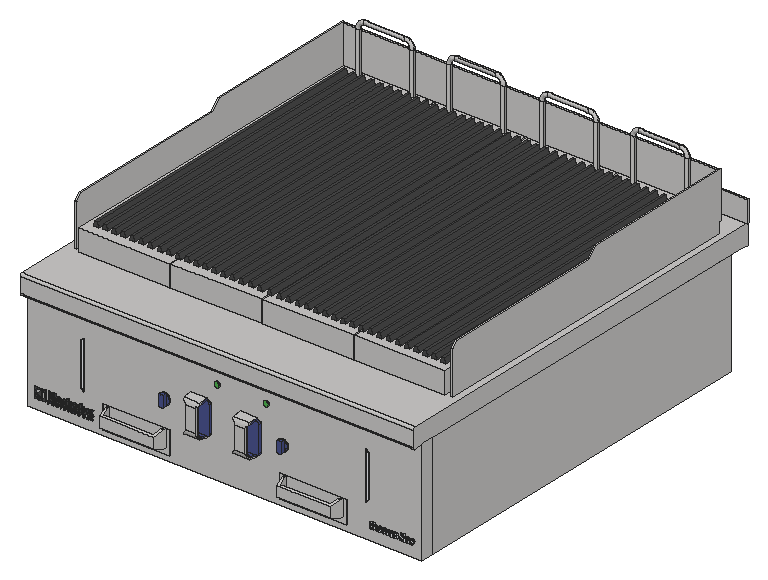
Revit family "QF_ELECTROLUXPROFESSIONAL_593101_MBDBBBHOVO", category Specialty Equipment, Revit 2014 (continued)
Definition of nested family "Front_Panel_W800_2 Knobs_2Spie_Manop_Simm"
  Definition of nested family "ELX_Professional_Logo_Small"
    Forms (mm)
      Extrusion 2, solid, material "QF_Finishes_Black" <- "Material_Logo"
        sketch origin (15.5, 0, 0) x (1, 0, 0) y (0, 1, 0)
          loop
            spline (-14.951, -3.871) -> (-14.564, -3.86) -> (-14.184, -3.826) -> (-13.809, -3.77) -> (-13.44, -3.689) -> (-13.078, -3.583) -> (-12.723, -3.451) -> (-12.375, -3.292) -> (-12.035, -3.105) -> (-11.703, -2.89) -> (-11.38, -2.646) -> (-11.065, -2.371) -> (-10.76, -2.066)
            line (-10.76, -2.066) -> (-12.295, -0.468)
            spline (-12.295, -0.468) -> (-12.474, -0.643) -> (-12.659, -0.805) -> (-12.85, -0.953) -> (-13.048, -1.087) -> (-13.254, -1.206) -> (-13.467, -1.311) -> (-13.69, -1.4) -> (-13.921, -1.475) -> (-14.162, -1.533) -> (-14.414, -1.575) -> (-14.677, -1.6) -> (-14.951, -1.609)
            spline (-14.951, -1.609) -> (-15.398, -1.581) -> (-15.823, -1.497) -> (-16.223, -1.362) -> (-16.596, -1.179) -> (-16.937, -0.95) -> (-17.243, -0.678) -> (-17.512, -0.367) -> (-17.739, -0.02) -> (-17.921, 0.36) -> (-18.055, 0.771) -> (-18.138, 1.208) -> (-18.167, 1.669)
          loop
            spline (-4.441, -1.243) -> (-4.659, -1.247) -> (-4.894, -1.23) -> (-5.137, -1.19) -> (-5.384, -1.121) -> (-5.628, -1.021) -> (-5.864, -0.884) -> (-6.084, -0.708) -> (-6.283, -0.488) -> (-6.454, -0.219) -> (-6.592, 0.101) -> (-6.69, 0.478) -> (-6.742, 0.914)
            line (-6.742, 0.914) -> (-6.742, 4.587) -> (-4.487, 4.587) -> (-4.487, 6.838) -> (-6.738, 6.838) -> (-6.738, 10.824) -> (-9.217, 10.824) -> (-9.217, 0.773)
            spline (-9.217, 0.773) -> (-9.164, 0.19) -> (-9.068, -0.358) -> (-8.928, -0.87) -> (-8.742, -1.343) -> (-8.511, -1.777) -> (-8.232, -2.168) -> (-7.904, -2.515) -> (-7.527, -2.816) -> (-7.098, -3.069) -> (-6.618, -3.273) -> (-6.084, -3.426) -> (-5.496, -3.525)
            line (-5.496, -3.525) -> (-4.45, -3.573) -> (-4.441, -1.243)
          loop
            spline (3.898, 6.983) -> (3.469, 7.009) -> (3.056, 7.001) -> (2.661, 6.961) -> (2.283, 6.888) -> (1.925, 6.785) -> (1.588, 6.652) -> (1.272, 6.49) -> (0.979, 6.301) -> (0.71, 6.085) -> (0.465, 5.844) -> (0.247, 5.578) -> (0.056, 5.289)
            line (0.056, 5.289) -> (0.056, 6.838) -> (-2.402, 6.838) -> (-2.402, -3.572) -> (0.056, -3.572) -> (0.056, 1.901)
            spline (0.056, 1.901) -> (0.079, 2.316) -> (0.145, 2.703) -> (0.254, 3.06) -> (0.404, 3.386) -> (0.592, 3.679) -> (0.818, 3.938) -> (1.08, 4.162) -> (1.375, 4.348) -> (1.703, 4.495) -> (2.062, 4.602) -> (2.45, 4.668) -> (2.865, 4.69)
            line (2.865, 4.69) -> (3.898, 4.586) -> (3.898, 6.983)
          loop
            spline (15.638, 1.633) -> (15.586, 2.396) -> (15.435, 3.124) -> (15.192, 3.81) -> (14.863, 4.449) -> (14.455, 5.034) -> (13.975, 5.56) -> (13.43, 6.021) -> (12.826, 6.411) -> (12.17, 6.724) -> (11.469, 6.955) -> (10.729, 7.098) -> (9.958, 7.147)
            spline (9.958, 7.147) -> (9.182, 7.098) -> (8.44, 6.955) -> (7.737, 6.724) -> (7.081, 6.411) -> (6.477, 6.021) -> (5.933, 5.56) -> (5.454, 5.034) -> (5.048, 4.449) -> (4.721, 3.81) -> (4.479, 3.124) -> (4.329, 2.396) -> (4.277, 1.633)
            spline (4.277, 1.633) -> (4.329, 0.869) -> (4.479, 0.141) -> (4.721, -0.544) -> (5.048, -1.183) -> (5.454, -1.768) -> (5.933, -2.294) -> (6.477, -2.755) -> (7.081, -3.145) -> (7.737, -3.459) -> (8.44, -3.69) -> (9.182, -3.833) -> (9.958, -3.882)
            spline (9.958, -3.882) -> (10.729, -3.833) -> (11.469, -3.69) -> (12.17, -3.459) -> (12.826, -3.145) -> (13.43, -2.755) -> (13.975, -2.294) -> (14.455, -1.768) -> (14.863, -1.183) -> (15.192, -0.544) -> (15.435, 0.141) -> (15.586, 0.869) -> (15.638, 1.633)
          loop
            spline (13.18, 1.633) -> (13.151, 2.083) -> (13.067, 2.513) -> (12.932, 2.918) -> (12.748, 3.296) -> (12.52, 3.642) -> (12.251, 3.954) -> (11.943, 4.227) -> (11.601, 4.459) -> (11.228, 4.645) -> (10.828, 4.782) -> (10.403, 4.867) -> (9.958, 4.896)
            spline (9.958, 4.896) -> (9.509, 4.867) -> (9.081, 4.782) -> (8.679, 4.645) -> (8.306, 4.459) -> (7.964, 4.227) -> (7.658, 3.954) -> (7.39, 3.642) -> (7.163, 3.296) -> (6.981, 2.918) -> (6.847, 2.513) -> (6.765, 2.083) -> (6.736, 1.633)
            spline (6.736, 1.633) -> (6.765, 1.182) -> (6.847, 0.753) -> (6.981, 0.347) -> (7.163, -0.031) -> (7.39, -0.377) -> (7.658, -0.689) -> (7.964, -0.962) -> (8.306, -1.193) -> (8.679, -1.38) -> (9.081, -1.517) -> (9.509, -1.602) -> (9.958, -1.631)
            spline (9.958, -1.631) -> (10.403, -1.602) -> (10.828, -1.517) -> (11.228, -1.38) -> (11.601, -1.193) -> (11.943, -0.962) -> (12.251, -0.689) -> (12.52, -0.377) -> (12.748, -0.031) -> (12.932, 0.347) -> (13.067, 0.753) -> (13.151, 1.182) -> (13.18, 1.633)
          loop
            line (17.162, 4.269) -> (17.162, -3.573) -> (19.642, -3.573) -> (19.642, 10.824) -> (17.162, 10.824) -> (17.162, 4.269)
          loop
            line (28.581, 6.838) -> (28.581, 0.786)
            spline (28.581, 0.786) -> (28.561, 0.393) -> (28.503, 0.038) -> (28.409, -0.279) -> (28.281, -0.559) -> (28.122, -0.802) -> (27.933, -1.011) -> (27.717, -1.185) -> (27.476, -1.325) -> (27.213, -1.433) -> (26.929, -1.509) -> (26.626, -1.554) -> (26.308, -1.569)
            spline (26.308, -1.569) -> (25.99, -1.554) -> (25.688, -1.509) -> (25.404, -1.434) -> (25.141, -1.326) -> (24.9, -1.187) -> (24.684, -1.014) -> (24.496, -0.807) -> (24.336, -0.565) -> (24.209, -0.288) -> (24.115, 0.026) -> (24.057, 0.376) -> (24.037, 0.765)
            line (24.037, 0.765) -> (24.037, 6.838) -> (21.537, 6.838) -> (21.537, 0.558)
            spline (21.537, 0.558) -> (21.581, -0.153) -> (21.71, -0.8) -> (21.916, -1.384) -> (22.195, -1.904) -> (22.54, -2.362) -> (22.944, -2.757) -> (23.403, -3.09) -> (23.909, -3.362) -> (24.456, -3.572) -> (25.04, -3.722) -> (25.652, -3.811) -> (26.288, -3.841)
            spline (26.288, -3.841) -> (26.929, -3.811) -> (27.547, -3.72) -> (28.135, -3.568) -> (28.687, -3.355) -> (29.197, -3.079) -> (29.66, -2.741) -> (30.068, -2.341) -> (30.415, -1.877) -> (30.696, -1.349) -> (30.905, -0.757) -> (31.034, -0.101) -> (31.079, 0.621)
            line (31.079, 0.621) -> (31.079, 6.838) -> (28.581, 6.838)
          loop
            line (40.457, -0.243) -> (38.894, 1.942) -> (40.83, 4.579) -> (42.488, 6.837) -> (39.782, 6.837) -> (37.53, 3.719) -> (35.258, 6.837) -> (32.573, 6.837) -> (34.113, 4.731) -> (36.167, 1.922) -> (34.014, -1.076) -> (32.222, -3.573) -> (34.887, -3.573) -> (37.53, 0.104) -> (40.174, -3.573) -> (42.839, -3.573) -> (40.457, -0.243)
          loop
            line (-46.121, -5.837) -> (-48.039, -5.837) -> (-48.039, -10.814) -> (-47.016, -10.814) -> (-47.016, -9.128) -> (-46.121, -9.128)
            arc (-46.121, -9.128) -> (-44.476, -7.482) -> (-46.121, -5.837) r 1.645
          loop
            line (-46.163, -6.778) -> (-47.016, -6.778) -> (-47.016, -8.187) -> (-46.163, -8.187)
            arc (-46.163, -8.187) -> (-45.458, -7.482) -> (-46.163, -6.778) r 0.704
          loop
            line (-38.313, -5.837) -> (-40.265, -5.837) -> (-40.265, -10.814) -> (-39.241, -10.814) -> (-39.241, -9.1) -> (-38.46, -9.182) -> (-37.48, -10.814) -> (-36.318, -10.814) -> (-37.513, -8.848)
            arc (-37.513, -8.848) -> (-36.888, -8.266) -> (-36.671, -7.441) r 1.536
            arc (-36.671, -7.441) -> (-37.165, -6.305) -> (-38.313, -5.837) r 1.643
          loop
            arc (-38.402, -8.166) -> (-37.707, -7.505) -> (-38.334, -6.778) r 0.696
            line (-38.334, -6.778) -> (-39.241, -6.778) -> (-39.241, -8.166) -> (-38.402, -8.166)
          loop
            circle (-29.965, -8.325) r 2.585
          loop
            circle (-29.965, -8.325) r 1.64
          loop
            line (-23.1, -5.837) -> (-23.1, -10.814) -> (-22.076, -10.814) -> (-22.076, -8.768) -> (-20.204, -8.768) -> (-20.204, -7.828) -> (-22.076, -7.828) -> (-22.076, -6.778) -> (-20.024, -6.778) -> (-20.024, -5.837) -> (-23.1, -5.837)
          loop
            line (-15.802, -5.837) -> (-15.802, -9.2)
            arc (-15.802, -9.2) -> (-15.343, -10.34) -> (-14.209, -10.814) r 1.593
            line (-14.209, -10.814) -> (-12.602, -10.814) -> (-12.602, -10.027) -> (-14.004, -10.027)
            arc (-14.004, -10.027) -> (-14.552, -9.8) -> (-14.779, -9.252) r 0.775
            line (-14.779, -9.252) -> (-14.779, -8.424) -> (-12.789, -8.424) -> (-12.789, -7.642) -> (-14.779, -7.642) -> (-14.779, -6.778) -> (-12.651, -6.778) -> (-12.651, -5.837) -> (-15.802, -5.837)
          loop
            line (-5.909, -7.143) -> (-5.173, -6.638)
            arc (-5.173, -6.638) -> (-5.855, -5.974) -> (-6.781, -5.755) r 1.782
            arc (-6.781, -5.755) -> (-7.397, -5.878) -> (-7.944, -6.189) r 1.974
            arc (-7.944, -6.189) -> (-8.202, -6.5) -> (-8.317, -6.888) r 1.013
            arc (-8.317, -6.888) -> (-8.306, -7.341) -> (-8.192, -7.78) r 1.985
            arc (-8.192, -7.78) -> (-7.749, -8.259) -> (-7.171, -8.563) r 1.928
            arc (-7.171, -8.563) -> (-6.637, -8.779) -> (-6.131, -9.056) r 5.041
            arc (-6.131, -9.056) -> (-5.934, -9.387) -> (-6.09, -9.74) r 0.42
            arc (-6.09, -9.74) -> (-6.631, -9.96) -> (-7.204, -9.845) r 1.016
            arc (-7.204, -9.845) -> (-7.625, -9.603) -> (-7.889, -9.196) r 1.033
            line (-7.889, -9.196) -> (-8.67, -9.686)
            arc (-8.67, -9.686) -> (-8.361, -10.198) -> (-7.908, -10.589) r 1.914
            arc (-7.908, -10.589) -> (-7.334, -10.834) -> (-6.714, -10.896) r 2.063
            arc (-6.714, -10.896) -> (-5.947, -10.743) -> (-5.256, -10.376) r 2.696
            arc (-5.256, -10.376) -> (-4.95, -9.565) -> (-5.108, -8.712) r 1.618
            arc (-5.108, -8.712) -> (-5.448, -8.319) -> (-5.884, -8.035) r 1.876
            arc (-5.884, -8.035) -> (-6.434, -7.789) -> (-6.999, -7.577) r 9.883
            arc (-6.999, -7.577) -> (-7.325, -7.07) -> (-6.854, -6.694) r 0.45
            arc (-6.854, -6.694) -> (-6.329, -6.809) -> (-5.909, -7.143) r 1.197
          loop
            line (1.61, -7.143) -> (2.345, -6.638)
            arc (2.345, -6.638) -> (1.663, -5.974) -> (0.737, -5.755) r 1.782
            arc (0.737, -5.755) -> (0.121, -5.878) -> (-0.425, -6.189) r 1.974
            arc (-0.425, -6.189) -> (-0.683, -6.5) -> (-0.799, -6.888) r 1.013
            arc (-0.799, -6.888) -> (-0.788, -7.341) -> (-0.674, -7.78) r 1.985
            arc (-0.674, -7.78) -> (-0.231, -8.259) -> (0.347, -8.563) r 1.928
            arc (0.347, -8.563) -> (0.881, -8.779) -> (1.387, -9.056) r 5.041
            arc (1.387, -9.056) -> (1.584, -9.387) -> (1.428, -9.74) r 0.42
            arc (1.428, -9.74) -> (0.887, -9.96) -> (0.314, -9.845) r 1.016
            arc (0.314, -9.845) -> (-0.107, -9.603) -> (-0.371, -9.196) r 1.033
            line (-0.371, -9.196) -> (-1.152, -9.686)
            arc (-1.152, -9.686) -> (-0.842, -10.198) -> (-0.39, -10.589) r 1.914
            arc (-0.39, -10.589) -> (0.184, -10.834) -> (0.804, -10.896) r 2.063
            arc (0.804, -10.896) -> (1.572, -10.743) -> (2.263, -10.376) r 2.696
            arc (2.263, -10.376) -> (2.568, -9.565) -> (2.411, -8.712) r 1.618
            arc (2.411, -8.712) -> (2.07, -8.319) -> (1.635, -8.035) r 1.876
            arc (1.635, -8.035) -> (1.084, -7.789) -> (0.519, -7.577) r 9.883
            arc (0.519, -7.577) -> (0.193, -7.07) -> (0.665, -6.694) r 0.45
            arc (0.665, -6.694) -> (1.189, -6.809) -> (1.61, -7.143) r 1.197
          loop
            line (6.801, -5.837) -> (6.801, -10.814) -> (7.825, -10.814) -> (7.825, -5.837) -> (6.801, -5.837)
          loop
            circle (14.724, -8.325) r 1.548
          loop
            circle (14.724, -8.325) r 2.585
          loop
            line (21.59, -10.814) -> (22.623, -10.814) -> (22.623, -7.685) -> (24.9, -10.814) -> (25.895, -10.814) -> (25.895, -5.837) -> (24.861, -5.837) -> (24.861, -9.061) -> (22.585, -5.837) -> (21.59, -5.837) -> (21.59, -10.814)
          loop
            line (31.054, -10.814) -> (31.539, -9.74) -> (33.38, -9.74) -> (33.865, -10.814) -> (34.965, -10.814) -> (32.46, -5.837) -> (29.956, -10.814) -> (31.054, -10.814)
          loop
            line (32.46, -7.698) -> (31.999, -8.719) -> (32.921, -8.719) -> (32.46, -7.698)
          loop
            line (40.047, -9.873) -> (40.047, -5.837) -> (39.024, -5.837) -> (39.024, -10.814) -> (41.961, -10.814) -> (41.961, -9.873) -> (40.047, -9.873)
          loop
            line (-74.986, -10.814) -> (-53.322, -10.814) -> (-53.322, 10.82) -> (-74.986, 10.82) -> (-74.986, -10.814)
          loop
            line (-61.261, 9.758) -> (-61.261, -9.707)
            arc (-61.261, -9.707) -> (-54.066, 0.025) -> (-61.261, 9.758) r 10.18
          loop
            line (-62.251, 8.349) -> (-62.251, 9.758)
            arc (-62.251, 9.758) -> (-70.347, 7.918) -> (-74.247, 0.59) r 9.976
            line (-74.247, 0.59) -> (-71.026, 0.59)
            arc (-71.026, 0.59) -> (-65.274, 2.925) -> (-62.251, 8.349) r 9.351
          loop
            arc (-74.247, -0.539) -> (-70.353, -7.928) -> (-62.251, -9.957) r 10.237
            line (-62.251, -9.957) -> (-62.251, -8.298)
            arc (-62.251, -8.298) -> (-65.274, -2.874) -> (-71.026, -0.539) r 9.351
            line (-71.026, -0.539) -> (-74.247, -0.539)
        from 0 to 1.644
    Dimensions and locks
      aligned and locked: plane 2 to Extrusion 1
      aligned and locked: level to Extrusion 1
Definition of nested family "Rib_TRAP10x10"
  Parameters (values of type "Rib_TRAP10x10")
    Show Clearance [instance] = yes
    Model = ""
    Lenght [instance] = 632 mm
    Default Elevation = 0 mm
  Reference planes
    plane 1 "Center (Front/Back)": y = -11.07
    plane 2: z = 0
    plane 3 "Center (Left/Right)": x = 0
    plane 4 "Back": y = 304.93
    plane 5 "Front": y = -327.07
  Forms (mm)
    Extrusion 1, solid
      sketch origin (0, -919.2, 0) x (1, 0, 0) y (0, 1, 0)
        loop
          line (-198.75, 1399.2) -> (-198.75, 386.445) -> (165.741, 386.445) -> (165.741, 1399.2) -> (-198.75, 1399.2)
      from 0 to -59.546
    Extrusion 2, solid, material "QF_Finishes_Black"
      sketch origin (0, -11.07, -267.484) x (1, 0, 0) y (0, 0, 1)
        loop
          line (-2.5, 277.484) -> (-5, 267.484) -> (5, 267.484) -> (2.5, 277.484) -> (-2.5, 277.484)
      from -316 to 316
  Lines and regions (mm)
    symbolic lines
      curve 1: line (-5, 304.93, 0) -> (-5, -327.07, 0)
      curve 2: line (-2.5, 304.93, 0) -> (-2.5, -327.07, 0)
      curve 3: line (2.5, -327.07, 0) -> (2.5, 304.93, 0)
      curve 4: line (5, 304.93, 0) -> (5, -327.07, 0)
      curve 5: line (5, 304.93, 0) -> (-5, 304.93, 0)
      curve 6: line (-5, -327.07, 0) -> (5, -327.07, 0)
  Dimensions and locks
    "Lenght": plane 4 "Back" to plane 5 "Front"
    equal spacing: plane 4 "Back", plane 1 "Center (Front/Back)", plane 5 "Front"
    aligned and locked: plane 2 to Extrusion 1
    aligned and locked: level to Extrusion 1
    aligned and locked: plane 4 "Back" to Extrusion 2
    aligned and locked: Extrusion 2 to plane 5 "Front"
  Automatic sketch dimensions
    Extrusion 1 sketch curve to Extrusion 1 sketch curve = 364.491 mm
    Extrusion 1 sketch curve to Extrusion 1 sketch curve = 1012.755 mm
    Extrusion 2 sketch curve to plane 3 "Center (Left/Right)" = 5 mm
    Extrusion 2 sketch curve to plane 3 "Center (Left/Right)" = 2.5 mm
    plane 3 "Center (Left/Right)" to Extrusion 2 sketch curve = 2.5 mm
    plane 3 "Center (Left/Right)" to Extrusion 2 sketch curve = 5 mm
    Extrusion 2 sketch curve to level = 0 mm
    level to Extrusion 2 sketch curve = 10 mm
    curve 1 to plane 4 "Back" = 0 mm
    curve 4 to plane 5 "Front" = 0 mm
    curve 1 to plane 3 "Center (Left/Right)" = 5 mm
    plane 3 "Center (Left/Right)" to curve 5 = 5 mm
    curve 2 to plane 3 "Center (Left/Right)" = 2.5 mm
    plane 3 "Center (Left/Right)" to curve 3 = 2.5 mm
